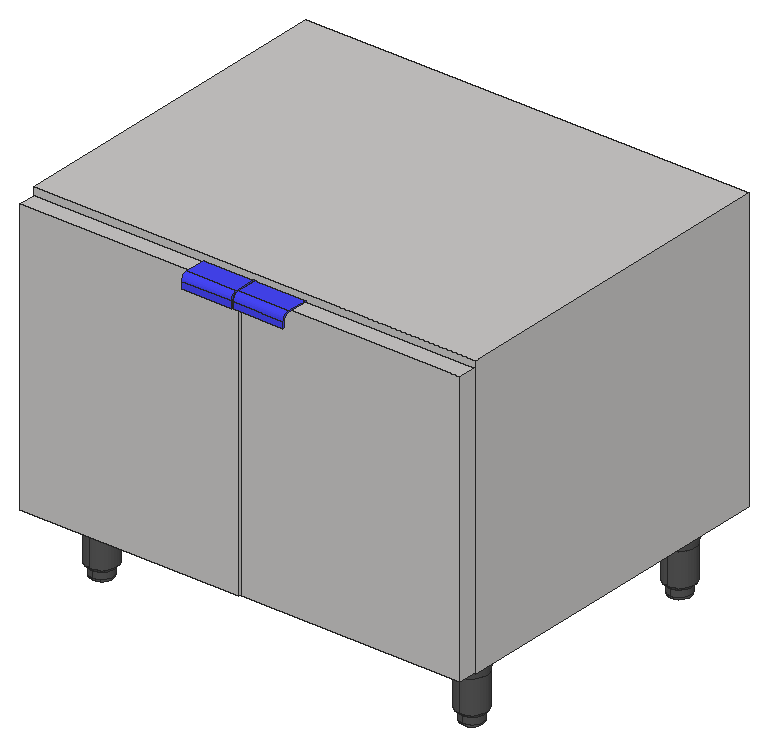
Revit family "QF_CAPIC_AVEN_W543043", category Equipement spécialisé, Revit 2018
Family settings
  Cote de connecteur circulaire = Utiliser le diamètre
  Type d'élément = Normal
  Numéro OmniClass = 23.40.40.14
  Titre OmniClass = Food Service Equipment
  Basée sur le plan de construction = Non
  Toujours verticalement = Oui
  Couper avec des vides une fois chargée = Non
  Partagée = Non
  Point de calcul de pièce = Non
Parameters (values of type "800 mm")
  profondeur porte ouverte = 630 mm + Longueur hors tout / 2  # 1030 mm
  URL catalogue = "http://www.capic-fr.com/fr/"
  Type de Raccord Plomberie [instance] = ""
  Type de Raccord Electrique [instance] = "bornier interne"
  Type de Gaz = ""
  Type article [instance] = ""
  Tension = 230 V
  Spécification du Fabricant = ""
  Show Logo = yes
  Remarques evacuation [instance] = ""
  Remarques Plomberie [instance] = ""
  Remarques Electricité [instance] = "230Vx1 +T"
  Puissance électrique  = 1500 W
  Puissance Gaz kW = 0
  Profondeur hors tout = 671 mm
  Pression Maximum Eau Adoucie = 0.0 Pa
  Poids net à vide = 58.00 kg
  Phase = 0
  Modèle = "W543043"
  Longueur hors tout = 800 mm
  Intensité nominale = 0 A
  Hauteur hors tout = 638 mm
  Hauteur de Raccordement du Sol Finis = 211 mm
  Hauteur de Raccordement Gaz du Sol Finis = 0 mm
  Hauteur de Raccordement Evacuation Directe du Sol Finis = 0 mm
  Hauteur de Raccordement Eau Froide du Sol Finis = 0 mm
  Hauteur de Raccordement Eau Chaude du Sol Finis = 0 mm
  Hauteur de Raccordement Eau Adoucie du Sol Finis = 0 mm
  Fréquence = 50 Hz
  Fabricant = "CAPIC"
  Etagere intermédiaire (option) [instance] = no
  Débit d'air d'extraction = 0.0 m³/h
  Débit Gaz = 0.0 L/s
  Débit Eau Froide = 0.0 L/s
  Débit Eau Chaude = 0.0 L/s
  Débit Eau Adoucie = 0.0 L/s
  Diamètre de Raccordement Gaz = 0 mm
  Diamètre de Raccordement Evacuation = 0 mm
  Diamètre de Raccordement Eau Froide = 0 mm
  Diamètre de Raccordement Eau Chaude = 0 mm
  Diamètre de Raccordement Eau Adoucie = 0 mm
  Description = "Placard chauffant"
  Assembly Code = ""
  Classification  Omniclass nombre et titre = "23.40.40.14"
Reference planes
  plane 1 "Centre (avant/arrière)": y = 0
  plane 2: z = 0
  plane 3 "Centre (gauche/droite)": x = 0
  plane 4: x = 800
  plane 5: y = -662
  plane 6: y = -45
  plane 7: x = 25
  plane 8: x = 775
  plane 9: y = -69
  plane 10: y = -539
  plane 11: x = 35
  plane 12: x = 765
  plane 13: x = 2
  plane 14: x = 798
  plane 15: y = -694.5
  plane 16: z = 627
  plane 17: y = -712
  plane 18: z = 625
  plane 19: y = -710
  plane 20: z = 603
  plane 21: x = 308
  plane 22: y = -1075
  plane 23: x = 400
  plane 24: x = 398
  plane 25: x = 402
  plane 26: x = 492
  plane 27: y = -678.25
Forms (mm)
  Extrusion 1, solid, material "QF_Stainless Steel-Brushed"
    sketch origin (0, 0, 0) x (1, 0, 0) y (0, 1, 0)
      loop
        line (0, -45) -> (0, -662) -> (800, -662) -> (800, -45) -> (0, -45)
    from 130 to 638
  Extrusion 2, void
    sketch origin (0, 0, 0) x (1, 0, 0) y (0, 1, 0)
      loop
        line (35, -69) -> (35, -662) -> (765, -662) -> (765, -69) -> (35, -69)
    from 175 to 608
  Extrusion 3, solid, material "QF_Stainless Steel-Brushed", visible <- "Etagere intermédiaire (option)"
    sketch origin (0, 0, 0) x (1, 0, 0) y (0, 1, 0)
      loop
        line (35, -69) -> (35, -662) -> (765, -662) -> (765, -69) -> (35, -69)
    from 370 to 400
  Extrusion 4, solid, material "QF_Stainless Steel-Brushed"
    sketch origin (0, 0, 0) x (1, 0, 0) y (0, 1, 0)
      loop
        line (2, -662) -> (2, -694.5) -> (398, -694.5) -> (398, -662) -> (2, -662)
    from 130 to 625
  Extrusion 5, solid, material "QF_Metal Sheet-Blue"
    sketch origin (0, 0, 0) x (0, 1, 0) y (0, 0, 1)
      loop
        line (-662, 627) -> (-700, 627)
        arc (-700, 627) -> (-708.485, 623.485) -> (-712, 615) r 12
        line (-712, 615) -> (-712, 603) -> (-710, 603) -> (-710, 615)
        arc (-710, 615) -> (-707.071, 622.071) -> (-700, 625) r 10
        line (-700, 625) -> (-662, 625) -> (-662, 627)
    from 398 to 308
  Extrusion 6, solid, material "QF_Metal Sheet-Blue"
    sketch origin (252, 0, 0) x (0, 1, 0) y (0, 0, 1)
      loop
        line (-662, 627) -> (-700, 627)
        arc (-700, 627) -> (-708.485, 623.485) -> (-712, 615) r 12
        line (-712, 615) -> (-712, 603) -> (-710, 603) -> (-710, 615)
        arc (-710, 615) -> (-707.071, 622.071) -> (-700, 625) r 10
        line (-700, 625) -> (-662, 625) -> (-662, 627)
    from 240 to 150
  Extrusion 7, solid, material "QF_Stainless Steel-Brushed"
    sketch origin (430, 0, 0) x (1, 0, 0) y (0, 1, 0)
      loop
        line (-28, -662) -> (-28, -694.5) -> (368, -694.5) -> (368, -662) -> (-28, -662)
    from 130 to 625
Cuts and joins
  Extrusion 2 cuts Extrusion 1
Lines and regions (mm)
  symbolic lines, style "SpecialityEquipmentHiddenLines", detail levels medium+fine
    curve 1: arc (798, -1075, 0) -> (523.261, -964.482, 0) -> (401.583, -694.5, 0) r 396.75
    curve 4: arc (2, -1075, 0) -> (276.739, -964.482, 0) -> (398.417, -694.5, 0) r 396.75
  symbolic lines, detail levels medium+fine
    curve 2: line (798, -1075, 0) -> (798, -694.5, 0)
    curve 3: line (2, -678.25, 0) -> (2, -1075, 0)
Dimensions and locks
  "Longueur hors tout": plane 3 "Centre (gauche/droite)" to plane 4
  plane 5 to plane 6 to plane 1 "Centre (avant/arrière)" = 617 mm locked, 45 mm locked
  plane 6 to plane 9 to plane 10 = 24 mm locked, 470 mm locked
  locked: plane 3 "Centre (gauche/droite)" to plane 7 at 25
  locked: plane 8 to plane 4 at 25
  locked: plane 3 "Centre (gauche/droite)" to plane 11 at 35
  locked: plane 12 to plane 4 at 35
  locked: plane 3 "Centre (gauche/droite)" to plane 13 at 2
  locked: plane 14 to plane 4 at 2
  locked: plane 5 to plane 15 at 32.5
  locked: plane 16 to plane 18 at 2
  locked: plane 19 to plane 17 at 2
  locked: plane 5 to plane 17 at 50
  locked: plane 16 to plane 20 at 24
  "profondeur porte ouverte": plane 6 to plane 22
  equal spacing: plane 3 "Centre (gauche/droite)", plane 23, plane 4
  locked: plane 23 to plane 25 at 2
  locked: plane 24 to plane 23 at 2
  locked: plane 21 to plane 24 at 90
  locked: plane 25 to plane 26 at 90
  aligned and locked: level to plane 2
  aligned and locked: plane 9 to nested 1
  aligned and locked: nested 1 to plane 7
  aligned and locked: plane 10 to nested 2
  aligned and locked: nested 2 to plane 7
  aligned and locked: plane 8 to nested 3
  aligned and locked: nested 3 to plane 9
  aligned and locked: plane 8 to nested 4
  aligned and locked: nested 4 to plane 10
  aligned and locked: Extrusion 2 sketch curve to plane 9
  aligned and locked: plane 11 to Extrusion 2 sketch curve
  aligned and locked: plane 5 to Extrusion 2 sketch curve
  aligned and locked: Extrusion 2 sketch curve to plane 12
  aligned and locked: Extrusion 4 sketch curve to plane 5
  aligned and locked: plane 13 to Extrusion 4 sketch curve
  aligned and locked: plane 15 to Extrusion 4 sketch curve
  aligned and locked: Extrusion 5 sketch curve to plane 16
  aligned and locked: plane 18 to Extrusion 5 sketch curve
  aligned and locked: Extrusion 5 sketch curve to plane 5
  aligned and locked: plane 20 to Extrusion 5 sketch curve
  aligned and locked: plane 19 to Extrusion 5 sketch curve
  aligned and locked: plane 21 to Extrusion 5
  aligned and locked: plane 24 to Extrusion 4
  aligned and locked: plane 24 to Extrusion 5
  aligned and locked: Extrusion 6 to plane 25
  aligned and locked: plane 26 to Extrusion 6
  aligned and locked: Extrusion 7 to plane 25
  aligned and locked: plane 14 to Extrusion 7
Automatic sketch dimensions
  Extrusion 1 sketch curve to plane 3 "Centre (gauche/droite)" = 0 mm
  Extrusion 1 sketch curve to plane 4 = 0 mm
  Extrusion 1 sketch curve to plane 5 = 0 mm
  Extrusion 1 sketch curve to plane 6 = 0 mm
  Extrusion 3 sketch curve to plane 5 = 0 mm
  Extrusion 3 sketch curve to plane 11 = 0 mm
  Extrusion 3 sketch curve to plane 12 = 0 mm
  Extrusion 3 sketch curve to plane 9 = 0 mm
  Extrusion 4 sketch curve to plane 24 = 0 mm
  Extrusion 5 sketch curve to Extrusion 5 sketch curve = 0 mm  (x2)
  Extrusion 5 sketch curve to plane 15 = 5.5 mm
  Extrusion 6 sketch curve to Extrusion 6 sketch curve = 0 mm  (x2)
  Extrusion 6 sketch curve to plane 17 = 0 mm
  Extrusion 6 sketch curve to plane 19 = 0 mm
  Extrusion 6 sketch curve to plane 18 = 0 mm
  Extrusion 6 sketch curve to plane 5 = 0 mm
  Extrusion 6 sketch curve to plane 20 = 0 mm
  Extrusion 6 sketch curve to plane 15 = 5.5 mm
  Extrusion 7 sketch curve to plane 15 = 0 mm
  Extrusion 7 sketch curve to plane 5 = 0 mm
  plane 25 to Extrusion 7 sketch curve = 0 mm
  Extrusion 7 sketch curve to plane 4 = 2 mm
  curve 4 to plane 13 = 0 mm
  curve 4 to plane 15 = 0 mm
  curve 1 to plane 15 = 0 mm
  curve 2 to plane 14 = 0 mm
  curve 1 to plane 22 = 0 mm
  curve 3 to plane 22 = 0 mm
  plane 15 to curve 2 = 0 mm
  plane 27 to curve 4 = 0 mm
  plane 27 to curve 3 = 0 mm
  plane 27 to curve 1 = 0 mm
Nested families
  nested 1: "QF_Details_Pied" at (13.5, -119, 0) x (0, -1, 0) z (0, 0, 1), type "QF_Details_Pied"
  nested 2: "QF_Details_Pied" at (13.5, -589, 0) x (0, -1, 0) z (0, 0, 1), type "QF_Details_Pied"
  nested 3: "QF_Details_Pied" at (683.5, -119, 0) x (0, -1, 0) z (0, 0, 1), type "QF_Details_Pied"
  nested 4: "QF_Details_Pied" at (683.5, -589, 0) x (0, -1, 0) z (0, 0, 1), type "QF_Details_Pied"
Definition of nested family "QF_Details_Pied"
  Reference planes
    plane 1 "Centre (avant/arrière)": y = 0
    plane 2: z = 0
    plane 3 "Centre (gauche/droite)": x = 0
  Forms (mm)
    Extrusion 1, solid
      sketch origin (-137.492, 51.5, -340.756) x (1, 0, 0) y (0, 0, 1)
        loop
          line (87.492, 481.756) -> (87.492, 472.756) -> (187.492, 472.756) -> (187.492, 481.756) -> (87.492, 481.756)
      from -40 to 40
    Revolve 2, solid
      sketch origin (0, 51.5, -9) x (1, 0, 0) y (0, 0, 1)
        loop
          line (0, 141) -> (0, 9) -> (19.21, 9) -> (19.21, 13) -> (20.21, 13) -> (20.21, 26) -> (21.71, 26) -> (26.66, 30.95) -> (26.66, 90.95) -> (31.468, 136.698) -> (36.246, 141) -> (0, 141)
        axis (0, 141) -> (0, 9)
      angle from 0 to 360
  Dimensions and locks
    aligned and locked: level to plane 2
    aligned and locked: Extrusion 1 to Revolve 2 sketch curve
